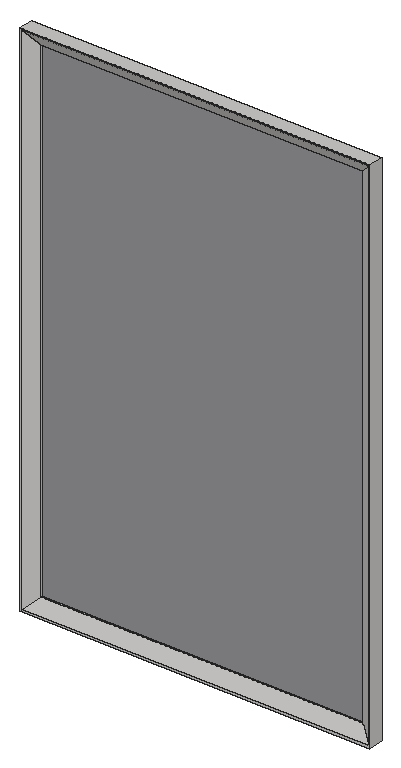
Revit family "Mirror_Metlam_Framed", category Specialty Equipment, Revit 2016
Family settings
  Part Type = Normal
  Round Connector Dimension = Use Diameter
  OmniClass Number = 23.40.95.17.17
  OmniClass Title = Mirrors
  Work Plane-Based = No
  Always vertical = Yes
  Cut with Voids When Loaded = No
  Shared = No
  Room Calculation Point = Yes
Parameters (values of type "610w x 25d x 910h (ML771_4)")
  URL = "http://www.metlam.com.au/"
  Type Comments = "Mirrors"  # constant formula
  Model = "ML771_4"
  Mirror_Material = z_Metlam_Glass_Mirror
  Material_ANZRS = z_Metlam_Metal_Stainless Steel_Satin
  Manufacturer_URL__Product Specific = "https://metlam.com.au/product/content/mirrors/ML771-Series"
  Manufacturer_Spec Code = Model  # "ML771_4"
  Manufacturer_Overall Width = 610 mm
  Manufacturer_Overall Height = 910 mm
  Manufacturer_Overall Depth = 25 mm  # constant formula
  Manufacturer_Height From FFL [instance] = 900 mm
  Manufacturer = "Metlam"  # constant formula
  Keynote = ""
  Description = "Stainless Steel Framed Mirror"  # constant formula
  CreatedBy_ANZRS = "IGS BIM Solutions"  # constant formula
  CreatedByURL_ANZRS = "http://www.igsgroup.com.au/"
  Assembly Code = ""
Types (7, lengths in mm): name | Model | Manufacturer_URL__Product Specific | Manufacturer_Spec Code | Manufacturer_Overall Width | Manufacturer_Overall Height
  460w x 25d x 610h (ML771) | "ML771" | "https://metlam.com.au/product/content/mirrors/ML771-Series" | "ML771" | 460 | 610
  460w x 25d x 760h (ML771_1) | "ML771_1" | "https://metlam.com.au/product/content/mirrors/ML771-Series" | "ML771_1" | 460 | 760
  460w x 25d x 910h (ML771_2) | "ML771_2" | "https://metlam.com.au/product/content/mirrors/ML771-Series" | "ML771_2" | 460 | 910
  610w x 25d x 760h (ML771_3) | "ML771_3" | "https://metlam.com.au/product/content/mirrors/ML771-Series" | "ML771_3" | 610 | 760
  610w x 25d x 910h (ML771_4) | "ML771_4" | "https://metlam.com.au/product/content/mirrors/ML771-Series" | "ML771_4" | 610 | 910
  450w x 25d x 1000h (ML771_5) | "ML771_5" | "https://metlam.com.au/product/content/mirrors/ML771_5" | "ML771_5" | 450 | 1000
  600w x 25d x 1000h (ML771_6) | "ML771_6" | "https://metlam.com.au/product/content/mirrors/ML771_6" | "ML771_6" | 600 | 1000
Reference planes
  plane 1 "Back": y = 0
  plane 2 "Ref. Level": z = 0
  plane 3 "Center (Left/Right)": x = 0
  plane 4 "Left": x = -305
  plane 5 "Right": x = 305
  plane 6 "Top": z = 1810
  plane 7 "Bottom": z = 900
  plane 8 "Front": y = -25
  plane 9 "Centre (Elevation)": z = 1355
Forms (mm)
  Sweep 1, solid, material "z_Metlam_Metal_Stainless Steel_Satin" <- "Material_ANZRS"
    path origin (-125, 0, 0) x (1, 0, 0) y (0, 0, -1)
      loop
        line (430, -1810) -> (430, -900) -> (-180, -900) -> (-180, -1810) -> (430, -1810)
    profile origin (0, 0, 1810) x (0, 0, 1) y (0, 1, 0)
      loop
        line (0, 0) -> (-25, 0) -> (-25, -2) -> (-2, -2) -> (-2, -23) -> (-25, -8) -> (-25, -10.388) -> (-2.595, -25) -> (0, -25) -> (0, 0)
  Extrusion 2, solid, material "z_Metlam_Glass_Mirror" <- "Mirror_Material"
    sketch origin (125, -16, 0) x (0, -1, 0) y (0, 0, -1)
      loop
        line (-8, -1808) -> (-8, -902) -> (-14, -902) -> (-14, -1808) -> (-8, -1808)
    from -428 to 178
Lines and regions (mm)
  Masking region 1
    outline origin (0, 0, 0) x (1, 0, 0) y (0, 1, 0)
      loop
        line (-305, -25) -> (305, -25) -> (305, 0) -> (-305, 0) -> (-305, -25)
Text (mm)
  text "> Contact Manufacturer to confirm feasibility of design variations outside the scope of this Revit Family\n\n\n\nDisclaimer:\n\nDue to ongoing product development and manufacturing evolution, product details are subject to change without notice. Please refer to product technical data sheets on the manufacturer’s website for the most current product information. Please allow a +/- 5mm manufacturing tolerance for dimensions and set-outs shown in product literature." at (340.242, 114.415, 0), in view "Ref. Level_Instruction"
Dimensions and locks
  equal spacing: plane 4 "Left", plane 3 "Center (Left/Right)", plane 5 "Right"
  "Manufacturer_Overall Width": plane 4 "Left" to plane 5 "Right"
  "Manufacturer_Height From FFL": plane 7 "Bottom" to level
  "Manufacturer_Overall Height": plane 6 "Top" to plane 7 "Bottom"
  locked: Sweep 1 sketch curve to profile plane at 2
  locked: Sweep 1 sketch curve to Sweep 1 sketch curve at 2
  locked: Sweep 1 sketch curve to profile plane at 25
  "Manufacturer_Overall Depth": plane 1 "Back" to plane 8 "Front"
  equal spacing: plane 6 "Top", plane 9 "Centre (Elevation)", plane 7 "Bottom"
  aligned and locked: level to plane 2 "Ref. Level"
  aligned and locked: profile plane to Sweep 1 sketch curve
  aligned and locked: Sweep 1 sketch curve to profile plane
  aligned and locked: Sweep 1 sketch curve to Sweep 1 sketch curve
  aligned and locked: plane 6 "Top" to Sweep 1
  aligned and locked: Sweep 1 to plane 8 "Front"
  aligned and locked: Sweep 1 to plane 1 "Back"
  aligned and locked: Sweep 1 to plane 7 "Bottom"
  aligned and locked: Sweep 1 sketch curve to plane 4 "Left"
  aligned and locked: Sweep 1 sketch curve to plane 5 "Right"
  aligned and locked: plane 6 "Top" to Sweep 1 sketch curve
  aligned and locked: Sweep 1 sketch curve to plane 7 "Bottom"
  aligned and locked: Extrusion 2 to Sweep 1  (x6)
  aligned and locked: Masking region 1 sketch curve to Sweep 1  (x4)
Automatic sketch dimensions
  Sweep 1 sketch curve to Sweep 1 sketch curve = 0.595 mm
  Sweep 1 sketch curve to profile plane = 2 mm
  Sweep 1 sketch curve to Sweep 1 sketch curve = 6 mm
  Sweep 1 sketch curve to Sweep 1 sketch curve = 2.388 mm
  plane 1 "Back" to Extrusion 2 sketch curve = 2 mm
  plane 7 "Bottom" to Extrusion 2 sketch curve = 2 mm
  Extrusion 2 sketch curve to Extrusion 2 sketch curve = 6 mm
  Extrusion 2 sketch curve to plane 6 "Top" = 2 mm
